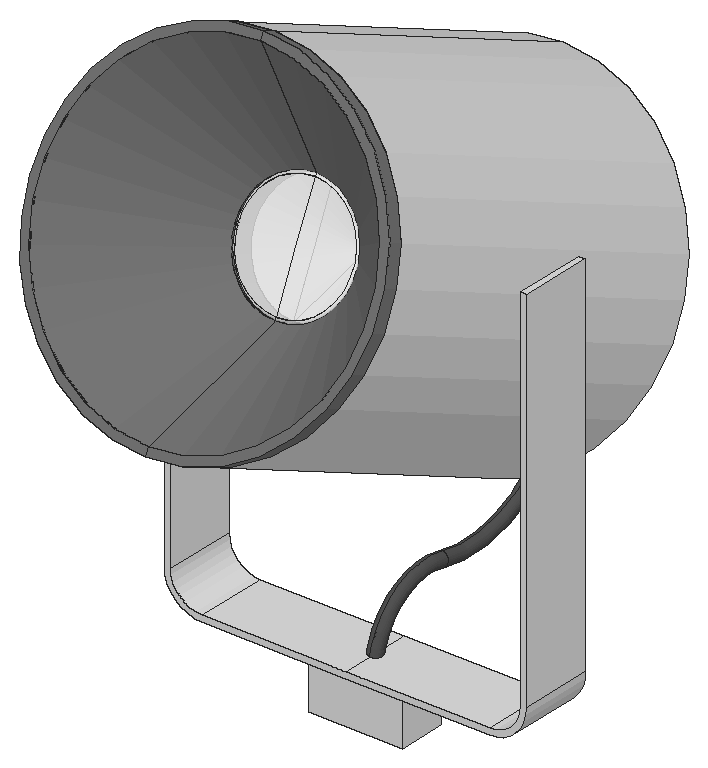
Revit family "AKTFCEM16", category Lighting Fixtures, host Face, Revit 2012
Parameters (values of type "AKTFCEM16")
  Wire = Black
  Wattage Comments = "75 W"
  Wattage = 75 W
  built-in parameter 1150110 = 1 (stored number, unit not read)
  built-in parameter 1114217 = 1 (stored number, unit not read)
  Tilt Angle = 60.00°
  built-in parameter 1150109 = 1 (stored number, unit not read)
  built-in parameter 1150134 = 3
  built-in parameter 1150113 = 1 (stored number, unit not read)
  Photometric Web File = "generic"
  built-in parameter 1150142 = (empty or 0)
  built-in parameter 1150105 = 886.54 (stored number, unit not read)
  Lumens = 11140.6 lm
  built-in parameter 1150115 = 1 (stored number, unit not read)
  built-in parameter 1150137 = (empty or 0)
  built-in parameter 1150139 = (empty or 0)
  built-in parameter 1150112 = 1 (stored number, unit not read)
  built-in parameter 1150114 = 1 (stored number, unit not read)
  built-in parameter 1150132 = (empty or 0)
  built-in parameter 1150102 = (empty or 0)
  built-in parameter 1150107 = 3200 (stored number, unit not read)
  built-in parameter 1150138 = (empty or 0)
  built-in parameter 1150106 = 8.8654 (stored number, unit not read)
  Finish 2 = Baked enamel finish (Black)
  Finish = Steel
  URL = "http://www.prescolite.com"
  Product Page URL = "http://www.prescolite.com/products/flat_back_cylinders/"
  Product Documentation Link = "http://www.prescolite.com/content/products/specs/specs_files/atrk_014.pdf"
  Model = "AKTFCEM16"  # constant formula
  Manufacturer Phone = "864-678-1000"  # constant formula
  Manufacturer Fax = "864-678-1065"  # constant formula
  Manufacturer = "Prescolite"  # constant formula
  Lamp = "1"
  Glass = Glass
  Family = "Flat Back Cylinder"
  built-in parameter 1150104 = 13.8 (stored number, unit not read)
  Dimming Lamp Color Temperature Shift = <None>
  Description = "One Low Voltage Lamp up to 75W"  # constant formula
  Default Elevation = 48"
  Color Filter = 16777215
  built-in parameter 1114218 = 1 (stored number, unit not read)
  built-in parameter 1150133 = 10 (stored number, unit not read)
Reference planes (in)
  plane 1 "Center (Front/Back)": y = 0
  plane 2: z = 0
  plane 3 "Center (Left/Right)": x = 0.0375
  plane 4: z = 10.875
  plane 5: through (0, -6.18123, 9.19462) normal (0, -0.4226, -0.9063)
  plane 6: through (0, -3.93123, 9.19462) normal (0, -0.9063, 0.4226)
  plane 7: through (0, -5.52171, 5.78383) normal (0, -0.4226, -0.9063)
  plane 8: through (0, -3.14448, 10.88181) normal (0, -0.4226, -0.9063)
  plane 9: x = -2.77514
  plane 10: through (0, 3.04568, 8.48057) normal (0, -0.9063, 0.4226)
Forms (in)
  Revolve 1, solid, material "Baked enamel finish (Black)" <- "Finish 2"
    sketch origin (0.0375, -3.05661, 3.48722) x (0, -1, 0) y (0, 0, 1)
      loop
        line (0.08787, 7.3946) -> (-0.13871, 7.28894) -> (-1.34603, 4.69982) -> (-0.96895, 4.87566) -> (0.14676, 7.2683) -> (0.08787, 7.3946)
      axis (1.27648, 4.84561) -> (-0.93347, 3.81509)
    angle from 0 to 360
  Extrusion 2, solid, material "Steel" <- "Finish"
    sketch origin (0, -1.52177, -0.09278) x (1, 0, 0) y (0, 0, 1)
      loop
        line (-2.77514, 7.47298) -> (-2.87514, 7.47298) -> (-2.87514, 1.52452)
        arc (-2.87514, 1.52452) -> (-2.69941, 1.10025) -> (-2.27514, 0.92452) r 0.6
        line (-2.27514, 0.92452) -> (0.0375, 0.92452) -> (2.35014, 0.92452)
        arc (2.35014, 0.92452) -> (2.77441, 1.10025) -> (2.95014, 1.52452) r 0.6
        line (2.95014, 1.52452) -> (2.95014, 7.47298) -> (2.85014, 7.47298) -> (2.85014, 1.52452)
        arc (2.85014, 1.52452) -> (2.70369, 1.17097) -> (2.35014, 1.02452) r 0.5
        line (2.35014, 1.02452) -> (0.0375, 1.02452) -> (-2.27514, 1.02452)
        arc (-2.27514, 1.02452) -> (-2.62869, 1.17097) -> (-2.77514, 1.52452) r 0.5
        line (-2.77514, 1.52452) -> (-2.77514, 7.47298)
    from -1.19143 to -0.02177
  Extrusion 3, solid, material "Steel" <- "Finish"
    sketch origin (0.075, 0, 0) x (-1, 0, 0) y (0, 0, 1)
      loop
        line (-0.7125, 0) -> (0.7875, 0) -> (0.7875, 0.75) -> (0.5375, 0.75) -> (0.5375, 0.83174) -> (0.0375, 0.83174) -> (-0.4625, 0.83174) -> (-0.4625, 0.75) -> (-0.7125, 0.75) -> (-0.7125, 0)
    from -0.53275 to -1.29427
  Sweep 4, solid, material "Black" <- "Wire"
    path origin (0.0375, 0, 0) x (0, -1, 0) y (0, 0, 1)
      loop
        arc (0.94237, 0.60404) -> (0.54449, 1.50309) -> (-0.41763, 1.70535) r 1.07807
        arc (-0.41763, 1.70535) -> (-2.94911, 3.21874) -> (-1.33726, 5.68869) r 2.04564
    profile origin (0.0375, 2.94911, 3.21874) x (0, 0.97437, -0.224951) y (-1, 0, 0)
      loop
        circle (0, 0) r 0.1083
  Revolve 5, solid, material "Glass" <- "Glass"
    sketch origin (0.0375, -0.27734, 1.59274) x (0, -1, 0) y (0, 0, 1)
      loop
        line (2.22288, 5.88541) -> (1.83103, 6.72575)
        arc (1.83103, 6.72575) -> (1.80196, 6.75238) -> (1.76258, 6.75066) r 0.0515
        line (1.76258, 6.75066) -> (1.43217, 6.59659) -> (1.8458, 5.70957) -> (2.22288, 5.88541)
      axis (2.22288, 5.88541) -> (1.8458, 5.70957)
    angle from 0 to 360
  Revolve 6, solid, material "Steel" <- "Finish"
    sketch origin (0.0375, -2.55476, 0.37596) x (0, -1, 0) y (0, 0, 1)
      loop
        line (0.36315, 10.4002) -> (-5.41456, 7.70601) -> (-4.22595, 5.15702) -> (-1.486, 6.43468) -> (0.36315, 10.4002)
      axis (1.55176, 7.85121) -> (-4.22595, 5.15702)
    angle from 0 to 360
Dimensions and locks (in)
  locked: plane 4 to plane 2 at 10.875
  locked: plane 8 to plane 7 at 5.625
  locked: plane 10 to plane 6 at 6.625
  aligned and locked: plane 2 to host face
  aligned and locked: level to host face
  aligned and locked: level to Extrusion 3 sketch curve
  aligned and locked: Extrusion 3 sketch curve to Extrusion 2  (x3)
  aligned and locked: Extrusion 3 sketch curve to level
  aligned and locked: plane 5 to Revolve 5 sketch curve  (x3)
  aligned and locked: Revolve 5 sketch curve to plane 5
  aligned and locked: imposter light to Extrusion 2 sketch curve  (x2)
  aligned and locked: plane 8 to Revolve 1 sketch curve
  aligned and locked: Revolve 1 sketch curve to plane 5
  aligned and locked: Revolve 6 sketch curve to Revolve 1  (x2)
  aligned and locked: Revolve 6 sketch curve to plane 10
  aligned and locked: Revolve 6 sketch curve to plane 5  (x2)
  aligned and locked: Revolve 1 to Revolve 5 sketch curve  (x2)
  aligned and locked: plane 6 to Revolve 1
  aligned and locked: Extrusion 2 sketch curve to plane 9
  aligned and locked: Extrusion 2 to Extrusion 2
Connectors (in)
  electrical at (0.0375, -0.91351, 0), driven by "Description"
    settings: on Extrusion 3, index 1, voltage 0 V, apparent load 0 VA, apparent load phase1 0 VA, apparent load phase2 0 VA, apparent load phase3 0 VA, power factor 1, load classification "Other", number of poles 1, system type 30, power factor state 1, is connector primary yes, connector utility no, sub classification motor no, connector description "One Low Voltage Lamp up to 75W"
